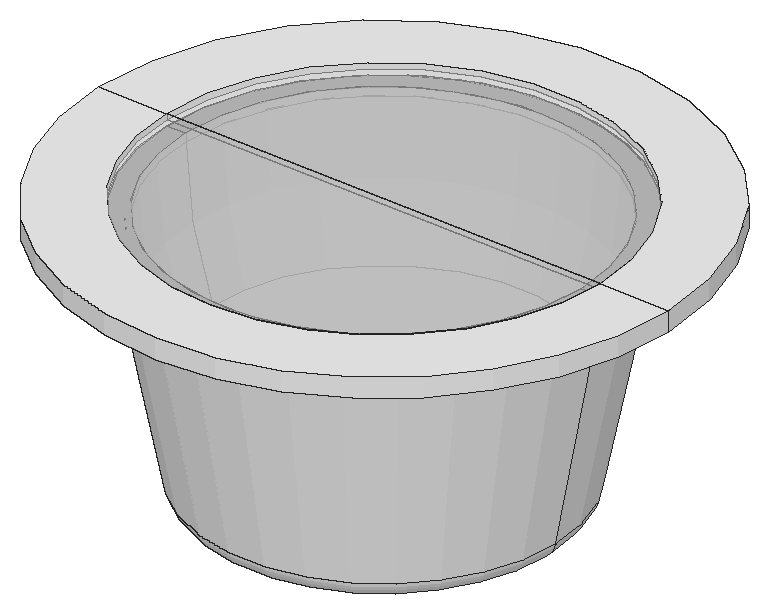
Revit family "2060563+2028036 Sylvania Lighting Fixture ASCENT 100 II ARCH 2700 3K DALI EMG 160 with IP44 Frost Glass", category Lighting Fixtures, host Face, Revit 2016
Family settings
  Host = Face
  Part Type = Normal
  Round Connector Dimension = Use Diameter
  OmniClass Number = 23.80.70.11.17
  OmniClass Title = Specialized Lighting by Location or Use
  Cut with Voids When Loaded = No
  Light Source = Yes
  Shared = No
  Room Calculation Point = No
Parameters (values of type "2060563+2028036 ASCT100 II ARCH 2700 3K DALI EMG 160 with IP44 Frost Glass Emergency mode")
  WidthBezelAcc_SYL = 25.0 mm
  Weight = "1.92 kg"
  Wattage = 1.55652 W
  WarrantyStartDate [instance] = "n/a"
  WarrantyGuarantorParts = "n/a"
  WarrantyDurationUnit = "n/a"
  WarrantyDurationParts = "n/a"
  WarrantyDescription = "n/a"
  built-in parameter 1150110 = 1 (stored number, unit not read)
  Voltage = 0 V
  VisibilityAccessory_SYL = yes
  TypeName = "ASCT100 II ARCH 2700 3K DALI EMG 160 with IP44 Frost Glass Emergency mode"
  built-in parameter 1114217 = 1 (stored number, unit not read)
  Tilt Angle = -90°
  built-in parameter 1150109 = 1 (stored number, unit not read)
  built-in parameter 1150134 = (empty or 0)
  built-in parameter 1150113 = 1 (stored number, unit not read)
  SerialNumber [instance] = "n/a"
  ReflectorRadius_SYL = Radius_SYL - 14.5 mm  # 80.0 mm
  RadiusAcc_SYL = 105.0 mm
  Radius_SYL = 94.5 mm
  URL = "http://www.sylvania-lighting.com"
  PowerFactor = 0
  PowerConsumption = "23 W"
  Photometric Web File = "2060563EM.ies"
  NominalWidth = 0.0 mm
  NominalLength = 0.0 mm
  NominalHeight = 94.0 mm
  Name = "ASCT100 II ARCH 2700 3K DALI EMG 160 with IP44 Frost Glass Emergency mode"
  ModelReference = "ASCT100 II ARCH 2700 3K DALI EMG 160 with IP44 Frost Glass Emergency mode"
  ModelNumber = "2060563+2028036"
  Material_4_SYL = none
  Material_3_SYL = Polycarbonate_Sylvania_Ascent_Clear
  Material_2_SYL = Aluminium_Sylvania_Ascent_Silver
  Material_1_SYL = Aluminum_Sylvania_Ascent_White
  Material = "aluminium housing, arcylic diffuser"
  ManufacturerName = "Feilo Sylvania"
  LuminousEfficacy = "115 lm/W"
  built-in parameter 1150105 = 14.244 (stored number, unit not read)
  Lumens = 179 lm
  LuminaireType = ""
  built-in parameter 1150115 = 1 (stored number, unit not read)
  LightOutputRatio = "100"
  built-in parameter 1150137 = (empty or 0)
  built-in parameter 1150139 = (empty or 0)
  LampsType = Lamp  # "LED"
  LampNominalLuminous = "2649 lm"
  LampMacAdamStep = "3"
  LampColourTemperature = "3000 K"
  LampColourRenderingIndex = "80"
  built-in parameter 1150112 = 1 (stored number, unit not read)
  built-in parameter 1150114 = 1 (stored number, unit not read)
  Keynote = "16500"
  InstallationDate [instance] = "n/a"
  InputVoltage = "n/a"
  InputNominalFrequency = "n/a"
  built-in parameter 1150132 = (empty or 0)
  built-in parameter 1150102 = (empty or 0)
  built-in parameter 1150107 = 3000 (stored number, unit not read)
  built-in parameter 1150138 = (empty or 0)
  IngressProtection = "IP44"
  ImpactProtectionIndex = "IK02"
  built-in parameter 1150106 = 0.14244 (stored number, unit not read)
  IfcExportType = "IfcLightFixtureType"
  IfcExportAs = "IfcLightFixtureType"
  Height_SYL = 94.0 mm
  HeightAcc_SYL = 7.0 mm
  ExpectedLife = 50000
  EmittionSurface_SYL = if(VisibilityAccessory_SYL, 7.0 mm, 3.0 mm)  # 7.0 mm
  Emit from Circle Diameter = DiffuserRadius_SYL * 2  # 146.0 mm
  Emit Shape Visible in Rendering = no
  ElectricShockClassification = "Class II"
  built-in parameter 1150104 = 10.684 (stored number, unit not read)
  DurationUnit = "hours"
  DocumentationLiterature = "http://www.sylvania-lighting.com/product/en-int/products/2060563"
  DimmingControlOptions = "n/a"
  Dimming Lamp Color Temperature Shift = <None>
  DiffuserRadius_SYL = ReflectorRadius_SYL - 7.0 mm  # 73.0 mm
  Diameter_SYL = 2 * Radius_SYL  # 189.0 mm
  CutoutDiameter_SYL = Diameter_SYL - 13.0 mm  # 176.0 mm
  CreatedOn = "9/17/2018"
  CreatedBy = "@sylvania-lighting.com"
  Color Filter = 16777215
  built-in parameter 1114216 [instance] = 1 (stored number, unit not read)
  Model = "ASCT100 II ARCH 2700 3K DALI EMG 160 with IP44 Frost Glass Emergency mode"
  Manufacturer = "Feilo Sylvania"
  Lamp = "LED"
  Description = "Direct LED retro fit for original LED 100 Arch (160) single CFL lamp offering Matching lumen levels and improved light distribution of original LED 100 CFL lamp equivalents Typically half the power consumption compared to CFL Up to 112lm/W 160mm aperture Architectural reflector accepts range of glass accessories from existing LED 100 Arch 160 offering HE, HO and VHO versions equivalent of single 1 x 18W, 1 x 32W, 1 x 42W\r\n Additional VVHO versions which offer the performance circa 2 x 32W equivalent"  # constant formula
  Default Elevation = 0.0 mm
  built-in parameter 1140040 [instance] = 1
  BarCode [instance] = "n/a"
  built-in parameter 1114218 = 1 (stored number, unit not read)
  built-in parameter 1150133 = 10 (stored number, unit not read)
  AssetType = "Fixed"
  AssetIdentifier [instance] = "n/a"
  Assembly Code = "D5020200"
  Apparent Load = 1.55652 VA
  Aperture_SYL = 2 * ReflectorRadius_SYL  # 160.0 mm
Types (2, lengths in mm): name | Wattage | TypeName | Photometric Web File | Name | ModelReference | Material_3_SYL | built-in parameter 1150105 | Lumens | built-in parameter 1150106 | Model | Apparent Load
  2060563+2028036 ASCT100 II ARCH 2700 3K DALI EMG 160 with IP44 Frost Glass Emergency mode | 1.55652 W | "ASCT100 II ARCH 2700 3K DALI EMG 160 with IP44 Frost Glass Emergency mode" | "2060563EM.ies" | "ASCT100 II ARCH 2700 3K DALI EMG 160 with IP44 Frost Glass Emergency mode" | "ASCT100 II ARCH 2700 3K DALI EMG 160 with IP44 Frost Glass Emergency mode" | Polycarbonate_Sylvania_Ascent_Clear | 14.244 (stored number, unit not read) | 179 lm | 0.14244 (stored number, unit not read) | "ASCT100 II ARCH 2700 3K DALI EMG 160 with IP44 Frost Glass Emergency mode" | 1.55652 VA
  2060563+2028036 ASCT100 II ARCH 2700 3K DALI EMG 160 with IP44 Frost Glass | 23 W | "ASCENT 100 II ARCH 2700 3K DALI EMG 160 with IP44 Frost Glass" | "2060563.ies" | "ASCENT 100 II ARCH 2700 3K DALI EMG 160 with IP44 Frost Glass" | "ASCENT 100 II ARCH 2700 3K DALI EMG 160 with IP44 Frost Glass" | Polycarbonate_Sylvania_Ascent_Opal | 210.48 (stored number, unit not read) | 2645 lm | 2.1048 (stored number, unit not read) | "ASCENT 100 II ARCH 2700 3K DALI EMG 160 with IP44 Frost Glass" | 23 VA
Reference planes
  plane 1 "Center (Front/Back)": y = 0
  plane 2: z = 0
  plane 3 "Center (Left/Right)": x = 0
  plane 4 "Fixture Bottom": z = 3
  plane 5: z = -52.5
  plane 6 "Fixture Top": z = -91
  plane 7: x = -105
  plane 8: z = 7
  plane 9: x = -80
  plane 10: z = 5
  plane 11: x = -103
Forms (mm)
  Extrusion 1, solid, material "Aluminum_Sylvania_Ascent_White", detail levels fine
    sketch origin (0, 0, 0) x (1, 0, 0) y (0, 1, 0)
      loop
        circle (0, 0) r 94.5
      loop
        circle (0, 0) r 80
    from 0 to 3
  Extrusion 2, void
    sketch origin (0, 0, 0) x (1, 0, 0) y (0, 1, 0)
      loop
        circle (0, 0) r 88
    from -91 to 3
  Revolve 3, solid, material "Aluminum_Sylvania_Ascent_White" <- "Material_1_SYL", detail levels fine
    sketch origin (0, 0, 0) x (1, 0, 0) y (0, 0, 1)
      loop
        line (0, -91.073) -> (0, -89.023) -> (-55.468, -89.014)
        arc (-55.468, -89.014) -> (-59.352, -87.613) -> (-61.54, -84.139) r 6.307
        line (-61.54, -84.139) -> (-77.991, -2.844) -> (-77.991, 0) -> (-80, 0) -> (-80, -3) -> (-63.5, -84.536)
        arc (-63.5, -84.536) -> (-60.643, -89.203) -> (-55.5, -91.073) r 8.291
        line (-55.5, -91.073) -> (0, -91.073)
      axis (0, 0) -> (0, -91.073)
    angle from 0 to 360
  Revolve 4, solid, material "Aluminium_Sylvania_Ascent_Silver" <- "Material_2_SYL", detail levels fine
    sketch origin (0, 0, 0) x (1, 0, 0) y (0, 0, 1)
      loop
        line (-80, 3) -> (-80, 0) -> (-75, 0)
        arc (-75, 0) -> (-72.349, -26.77) -> (-64.5, -52.5) r 136.5
        line (-64.5, -52.5) -> (-58, -52.5)
        arc (-58, -52.5) -> (-56.857, -61.521) -> (-53.5, -69.971) r 36.166
        line (-53.5, -69.971) -> (0, -69.971) -> (0, -50.5) -> (-63.16, -50.5)
        arc (-63.16, -50.5) -> (-70.517, -25.725) -> (-73, 0) r 134.5
        line (-73, 0) -> (-73, 3) -> (-80, 3)
      axis (0, 3) -> (0, -69.971)
    angle from 0 to 360
  Extrusion 5, solid, material "Polycarbonate_Sylvania_Ascent_Clear" <- "Material_3_SYL", detail levels fine
    sketch origin (0, 0, 0) x (1, 0, 0) y (0, 1, 0)
      loop
        circle (0, 0) r 73
    from 0 to 3
  Revolve 6, solid, material "Aluminum_Sylvania_Ascent_White" <- "Material_1_SYL", detail levels coarse+medium
    sketch origin (0, 0, 0) x (1, 0, 0) y (0, 0, 1)
      loop
        line (0, -91.073) -> (0, 3) -> (-94.5, 3) -> (-94.5, 0) -> (-79.5, 0) -> (-79.5, -3) -> (-63, -84.536)
        arc (-63, -84.536) -> (-60.143, -89.203) -> (-55, -91.073) r 8.291
        line (-55, -91.073) -> (0, -91.073)
      axis (0, 3) -> (0, -91.073)
    angle from 0 to 360
  Revolve 7, solid, material "Aluminum_Sylvania_Ascent_White" <- "Material_1_SYL", visible <- "VisibilityAccessory_SYL"
    sketch origin (0, 0, 0) x (1, 0, 0) y (0, 0, 1)
      loop
        line (-105, 0) -> (-103, 0) -> (-103, 5) -> (-80, 5) -> (-80, 7) -> (-105, 7) -> (-105, 0)
      axis (0, 7) -> (0, 0)
    angle from 0 to 360
  Revolve 8, solid, material "Polycarbonate_Sylvania_Ascent_Clear" <- "Material_3_SYL", visible <- "VisibilityAccessory_SYL"
    sketch origin (0, 0, 0) x (1, 0, 0) y (0, 0, 1)
      loop
        line (-80, 7) -> (-80, 5) -> (0, 5) -> (0, 7) -> (-80, 7)
      axis (0, 7) -> (0, 5)
    angle from 0 to 360
Lines and regions (mm)
  reference lines
    curve 1: line (-150, 0, 7) -> (125, 0, 7)
Dimensions and locks
  locked: plane 4 "Fixture Bottom" to plane 2 at 3
  "Height_SYL": plane 4 "Fixture Bottom" to plane 6 "Fixture Top"
  "ReflectorRadius_SYL": plane 3 "Center (Left/Right)" to Revolve 4 sketch curve
  locked: Revolve 4 sketch curve to Revolve 4 sketch curve at 15.5
  locked: Revolve 4 sketch curve to Revolve 4 sketch curve at 5
  locked: Revolve 4 sketch curve to Revolve 4 sketch curve at 7
  locked: Revolve 4 sketch curve to Revolve 4 sketch curve at 22
  locked: Revolve 4 sketch curve to Revolve 4 sketch curve at 26.5
  locked: Revolve 3 sketch curve to Revolve 3 sketch curve at 16.5
  locked: Revolve 3 sketch curve to Revolve 3 sketch curve at 24.5
  "ReflectorRadius_SYL": Revolve 3 sketch curve to plane 3 "Center (Left/Right)"
  locked: Revolve 3 sketch curve to plane 6 "Fixture Top" at 6.464
  locked: plane 2 to Revolve 3 sketch curve at 3
  locked: Revolve 3 sketch curve to Revolve 3 sketch curve at 2
  locked: Revolve 3 sketch curve to Revolve 3 sketch curve at 2.009
  locked: plane 2 to plane 5 at 52.5
  locked: Revolve 6 sketch curve to Revolve 6 sketch curve at 31.5
  locked: Revolve 6 sketch curve to Revolve 6 sketch curve at 39.5
  locked: Revolve 6 sketch curve to Revolve 6 sketch curve at 15
  "Radius_SYL": plane 3 "Center (Left/Right)" to Revolve 6 sketch curve
  "RadiusAcc_SYL": plane 3 "Center (Left/Right)" to plane 7
  "HeightAcc_SYL": plane 8 to level
  "WidthBezelAcc_SYL": plane 7 to plane 9
  locked: plane 7 to plane 11 at 2
  locked: plane 8 to plane 10 at 2
  "EmittionSurface_SYL": curve 1 to level
  "CutoutDiameter_SYL": diameter of Extrusion 2 sketch curve
  "ReflectorRadius_SYL": radius of Extrusion 1 sketch curve
  "DiffuserRadius_SYL": radius of Extrusion 5 sketch curve
  "Radius_SYL": radius of Extrusion 1 sketch curve
  aligned and locked: host face to plane 2
  aligned and locked: host face to level
  aligned and locked: plane 4 "Fixture Bottom" to Extrusion 1
  aligned and locked: Extrusion 1 to plane 2
  aligned and locked: Revolve 3 sketch curve to plane 3 "Center (Left/Right)"
  aligned and locked: Revolve 4 sketch curve to plane 3 "Center (Left/Right)"  (x2)
  aligned and locked: plane 4 "Fixture Bottom" to Revolve 4 sketch curve
  aligned and locked: Extrusion 5 to plane 2
  aligned and locked: plane 2 to Revolve 3 sketch curve  (x2)
  aligned and locked: Revolve 6 sketch curve to plane 3 "Center (Left/Right)"
  aligned and locked: plane 6 "Fixture Top" to Extrusion 2
  aligned and locked: Revolve 7 sketch curve to plane 3 "Center (Left/Right)"
  aligned and locked: host face to Revolve 7 sketch curve  (x2)
  aligned and locked: Revolve 7 sketch curve to plane 7
  aligned and locked: plane 8 to Revolve 7 sketch curve
  aligned and locked: plane 9 to Revolve 7 sketch curve
  aligned and locked: Revolve 7 sketch curve to plane 10
  aligned and locked: plane 11 to Revolve 7 sketch curve
  aligned and locked: Revolve 7 to Revolve 8 sketch curve
  aligned and locked: Revolve 8 sketch curve to Revolve 7  (x2)
  aligned and locked: Revolve 8 sketch curve to plane 3 "Center (Left/Right)"  (x2)
  aligned and locked: plane 3 "Center (Left/Right)" to imposter light
  aligned and locked: imposter light to plane 1 "Center (Front/Back)"
  aligned and locked: imposter light to curve 1
Automatic sketch dimensions
  plane 1 "Center (Front/Back)" to Extrusion 2 sketch curve = 0.0 mm
  Extrusion 2 sketch curve to plane 3 "Center (Left/Right)" = 0.0 mm
  Extrusion 1 sketch curve to Extrusion 1 sketch curve = 0.0 mm  (x2)
  plane 1 "Center (Front/Back)" to Extrusion 1 sketch curve = 0.0 mm
  Extrusion 1 sketch curve to plane 3 "Center (Left/Right)" = 0.0 mm
  plane 6 "Fixture Top" to Revolve 3 sketch curve = 0.073 mm
  Revolve 3 sketch curve to plane 6 "Fixture Top" = 6.861 mm
  Revolve 3 sketch curve to Revolve 3 sketch curve = 0.003 mm
  Revolve 3 sketch curve to Revolve 3 sketch curve = 0.009 mm  (x2)
  Revolve 3 sketch curve to Revolve 3 sketch curve = 0.023 mm
  Revolve 3 sketch curve to Revolve 3 sketch curve = 0.072 mm
  Revolve 3 sketch curve to Revolve 3 sketch curve = 0.008 mm
  Revolve 3 sketch curve to plane 6 "Fixture Top" = 1.977 mm
  Revolve 3 sketch curve to Revolve 3 sketch curve = 33.496 mm
  Revolve 3 sketch curve to Revolve 3 sketch curve = 0.028 mm
  plane 4 "Fixture Bottom" to Revolve 3 sketch curve = 82.431 mm
  Revolve 4 sketch curve to Revolve 4 sketch curve = 0.0 mm  (x2)
  Revolve 4 sketch curve to plane 5 = 0.0 mm
  Revolve 4 sketch curve to level = 0.0 mm
  plane 5 to Revolve 4 sketch curve = 2.0 mm
  plane 4 "Fixture Bottom" to Revolve 4 sketch curve = 9.642 mm
  plane 1 "Center (Front/Back)" to Extrusion 5 sketch curve = 0.0 mm
  Extrusion 5 sketch curve to plane 3 "Center (Left/Right)" = 0.0 mm
  Revolve 4 sketch curve to level = 69.971 mm
  Revolve 4 sketch curve to Revolve 4 sketch curve = 2.387 mm
  Revolve 6 sketch curve to level = 0.0 mm
  Revolve 6 sketch curve to plane 3 "Center (Left/Right)" = 0.0 mm
  Revolve 6 sketch curve to Revolve 6 sketch curve = 8.104 mm
  Revolve 6 sketch curve to level = 3.0 mm
  Revolve 6 sketch curve to plane 6 "Fixture Top" = 6.464 mm
  plane 6 "Fixture Top" to Revolve 6 sketch curve = 0.073 mm
  Revolve 6 sketch curve to Revolve 6 sketch curve = 33.496 mm
  plane 4 "Fixture Bottom" to Revolve 6 sketch curve = 82.431 mm
  host sketch curve to host sketch curve = 1704.996 mm
  host sketch curve to host sketch curve = 1500.0 mm
  plane 6 "Fixture Top" to Revolve 7 sketch curve = 281.274 mm
  Revolve 7 sketch curve to plane 8 = 1140.706 mm
  plane 6 "Fixture Top" to Revolve 8 sketch curve = 281.274 mm
  Revolve 8 sketch curve to Revolve 8 sketch curve = 1140.706 mm
  Revolve 3 sketch curve to plane 3 "Center (Left/Right)" = 0.0 mm
  Revolve 6 sketch curve to plane 4 "Fixture Bottom" = 0.0 mm
  plane 7 to curve 1 = 45.0 mm
  plane 3 "Center (Left/Right)" to curve 1 = 125.0 mm
Connectors
  electrical at (0, 0, -91.073), driven by "Apparent Load"
    settings: on Revolve 3, index 1, voltage 240 V, apparent load 0 VA, apparent load phase1 1.55652 VA, apparent load phase2 0 VA, apparent load phase3 0 VA, power factor 1, load classification "Lighting", number of poles 1, system type 31, power factor state 1, is connector primary yes, connector utility no, sub classification motor no, connector description ""
